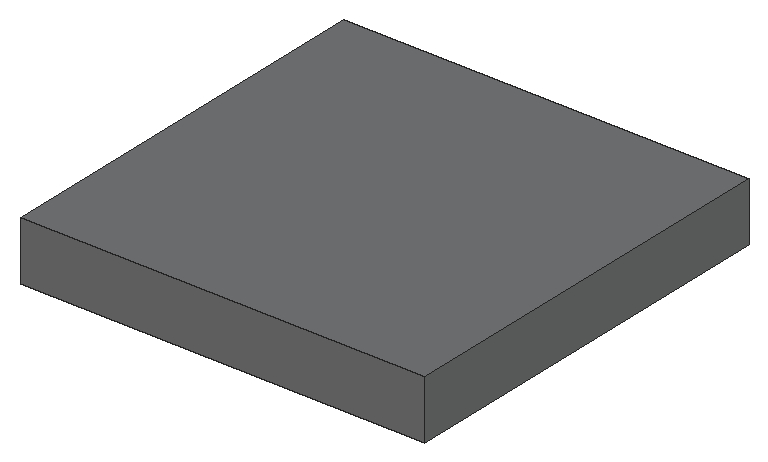
Revit family "028703", category Electrical Fixtures, host Face, Revit 2017
Family settings
  Host = Face
  Maintain Annotation Orientation = No
  Round Connector Dimension = Use Diameter
  Part Type = Normal
  Cut with Voids When Loaded = No
  Shared = No
  Room Calculation Point = No
Parameters (values of type "Rocker sym.door System 55 p.white")
  With exchangeable lens/symbol = "No"
  URL = "http://katalog.gira.de/en/datenblatt.html?artikelnr=028703"
  Suitable for touch sensor connector for bus system = "No"
  Scannable symbol / barrier free = "No"
  Name = "Rocker sym.door System 55 p.white"
  Monitoring window/light outlet = "Yes"
  Model = "Single rocker"
  Manufacturer URL = "https://www.gira.de/"
  Manufacturer = "Gira"
  Keynote = ""
  HeinzeBIM = "https://bimportal.heinze.de/bim/rocker-sym-door-system-55-p-white/919240db3ca40e448b3f7e35c72eb1d4f223d07d"
  HAN = "028703"
  GTIN = "4010337287032"
  Description = "Rock.sym.door Sys55 PW,Rocker with symbol,Door,pure white glossy,"
  Default Elevation = 1219.2 mm
  Data sheet (1) = "https://katalog.gira.de/en/download.html?artikelnr=028703"
  Category = "Control element/cover plate for domestic switching devices"
  BIM (1) = "https://media.stage.bim.site/public/gira/36a6b08/Sys55_Abdeckung_Schalten und Tasten.rfa?public/gira/36a6b08/Sys55_Abdeckung_Schalten und Tasten.rfa"
  Available = "No"
  Anthrazit [instance] = Anthrazit
Reference planes
  plane 1 "Center (Front/Back)": y = 0
  plane 2: z = 0
  plane 3 "Center (Left/Right)": x = 0
Forms (mm)
  Extrusion 1, solid, material "Anthrazit" <- "Anthrazit", detail levels fine
    sketch origin (0, 0, 0) x (1, 0, 0) y (0, 1, 0)
      loop
        line (-27.5, 27.5) -> (-27.5, -27.5) -> (27.5, -27.5) -> (27.5, 27.5) -> (-27.5, 27.5)
    from 0 to 8
  Extrusion 2, void
    sketch origin (0, 0, 0) x (1, 0, 0) y (0, 1, 0)
      loop
        line (26, 26) -> (-26, 26) -> (-26, -26) -> (26, -26) -> (26, 26)
    from 0 to 6
  Extrusion 3, solid, material "Anthrazit" <- "Anthrazit", detail levels medium
    sketch origin (0, 0, 0) x (1, 0, 0) y (0, 1, 0)
      loop
        line (-27.5, 27.5) -> (-27.5, -27.5) -> (27.5, -27.5) -> (27.5, 27.5) -> (-27.5, 27.5)
    from 0 to 8
  Extrusion 4, solid, material "Anthrazit" <- "Anthrazit", detail levels medium
    sketch origin (0, 0, 0) x (1, 0, 0) y (0, 1, 0)
      loop
        line (11, -17.5) -> (11, 17.5) -> (-11, 17.5) -> (-11, -17.5) -> (11, -17.5)
    from -6 to 6
  Extrusion 5, solid, material "Anthrazit" <- "Anthrazit", detail levels fine
    sketch origin (0, 0, 0) x (1, 0, 0) y (0, 1, 0)
      loop
        line (11, 17.5) -> (-11, 17.5) -> (-11, 16.5) -> (11, 16.5) -> (11, 17.5)
      loop
        line (-11, -16.5) -> (-11, -17.5) -> (11, -17.5) -> (11, -16.5) -> (-11, -16.5)
    from -4 to 6
  Extrusion 6, solid, material "Anthrazit" <- "Anthrazit", detail levels fine
    sketch origin (0, 0, 0) x (1, 0, 0) y (0, 1, 0)
      loop
        arc (5, 9.347) -> (0, 10.6) -> (-5, 9.347) r 10.6
        line (-5, 9.347) -> (-5, -9.347)
        arc (-5, -9.347) -> (0, -10.6) -> (5, -9.347) r 10.6
        line (5, -9.347) -> (5, 9.347)
    from -6 to 6
  Extrusion 7, solid, material "Anthrazit" <- "Anthrazit", detail levels coarse
    sketch origin (0, 0, 0) x (1, 0, 0) y (0, 1, 0)
      loop
        line (-27.5, 27.5) -> (-27.5, -27.5) -> (27.5, -27.5) -> (27.5, 27.5) -> (-27.5, 27.5)
    from -6 to 8
Cuts and joins
  Extrusion 2 cuts Extrusion 1
Dimensions and locks
  aligned and locked: plane 2 to host face
  aligned and locked: level to host face
